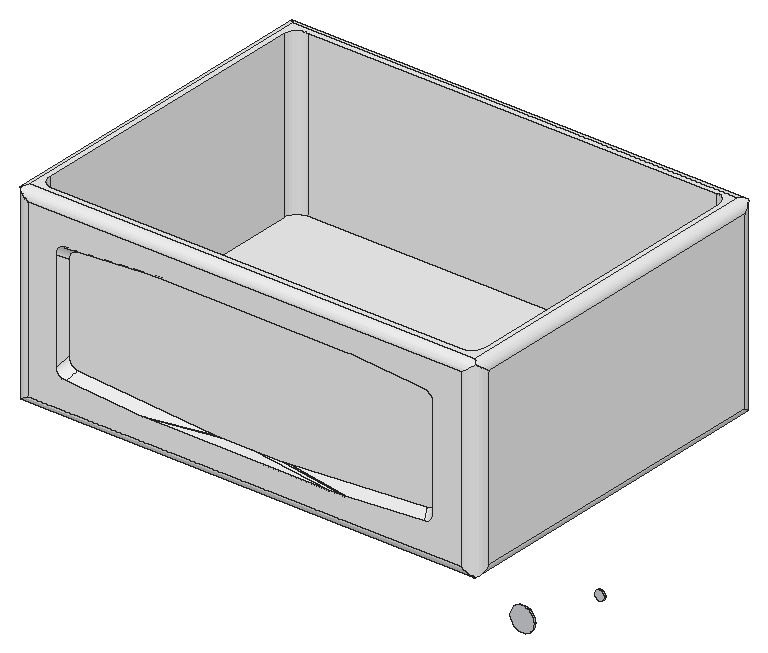
Revit family "Sink_Kitchen-Fire_Clay-DXV-Orchard-D20101000_Series", category Plumbing Fixtures, Revit 2014
Parameters (values of type "D20101000.415")
  Width = 24"
  Waste Connection Radius = 5/8"
  Waste Connection Height = 20 1/4"
  Waste Connection Diameter = Waste Connection Radius * 2  # 1 1/4"
  Waste Connection = yes
  WFU = 2
  Vent Connection = no
  URL = "www.dxv.com"
  Type Comments = "Bottom sink rack and strainer included"
  Product Page URL = "http://www.dxv.com/Product/Orchard-24-inches-Apron-Kitchen-Sink--"
  Product Documentation Link = "http://dxv.blob.core.windows.net/dxv-product-pdf-files/DXV_D20101000_Orchard_24in_kit_sink_spec_en.pdf"
  Price = "Prices may vary. Please consult Manufacturer Representative for most up-to-date price list."  # constant formula
  Model = "D20101000.415"
  Material = "Fire Clay-DXV-415-Canvas White"
  Manufacturer = "DXV"
  Length = 18"
  Installation Type = "Semi Counter Mounted"
  Hot Water Connection Width = 4"
  Hot Water Connection Radius = 1/4"
  Hot Water Connection Height = 22 3/4"
  Hot Water Connection Diameter = Hot Water Connection Radius * 2  # 1/2"
  Height = 10"
  HWFU = 1.5
  HW Connection = yes
  Finish = Fire Clay-DXV-415-Canvas White
  Description = "Apron Front Kitchen Sink Canvas White"
  Default Elevation = 34"
  Creation Date = "7/2/2014"  # constant formula
  Cold Water Connection Width = 4"
  Cold Water Connection Radius = 1/4"
  Cold Water Connection Height = Hot Water Connection Height  # 22 3/4"
  Cold Water Connection Diameter = Cold Water Connection Radius * 2  # 1/2"
  CWFU = 1.5
  CW Connection = yes
  Basin Shape = "Rectangle"
  Assembly Code = "D2010310"
Types (4): name | Model | Material | Finish | Description
  (no name) | "D20101000.415" | "Fire Clay-DXV-415-Canvas White" | Fire Clay-DXV-415-Canvas White | "Apron Front Kitchen Sink Canvas White"
  D20101000.415 | "D20101000.415" | "Fire Clay-DXV-415-Canvas White" | Fire Clay-DXV-415-Canvas White | "Apron Front Kitchen Sink Canvas White"
  D20101000.425 | "D20101000.425" | "Fire Clay-DXV-425-Chenille Gray" | Fire Clay-DXV-425-Chenille Gray | "Apron Front Kitchen Sink Chenille Gray"
  D20101000.410 | "D20101000.410" | "Fire Clay-DXV-410-Oyster" | Fire Clay-DXV-410-Oyster | "Apron Front Kitchen Sink Oyster"
Reference planes (in)
  plane 1 "Center (Front/Back)": y = 0
  plane 2: z = 0
  plane 3 "Center (Left/Right)": x = 0
  plane 4: y = -18
  plane 5: z = 0
  plane 6: z = 10
  plane 7: x = 11.25
  plane 8: x = -11.25
  plane 9: y = -0.71575
  plane 10: y = -17.22175
  plane 11: x = -12
  plane 12: x = 12
  plane 13: y = -8.96875
  plane 14: y = -7.21875
  plane 15: y = -10.71875
  plane 16 "Finished Floor": z = -34
  plane 17: z = -11.25
  plane 18: z = -13.75
  plane 19: x = 4
  plane 20: x = -4
  plane 21: x = 1.75
  plane 22: x = -1.75
  plane 23: z = -10
  plane 24: z = 8.5
Forms (in)
  Extrusion 1, solid
    sketch origin (0, 0, 0) x (1, 0, 0) y (0, 0, 1)
      loop
        circle (-4, -11.25) r 0.25
      loop
        circle (4, -11.25) r 0.25
      loop
        circle (0, -13.75) r 0.625
    from 0 to 0.0625
  Extrusion 2, solid, material "Fire Clay-DXV-415-Canvas White" <- "Finish"
    sketch origin (0, 0, 0) x (1, 0, 0) y (0, 1, 0)
      loop
        arc (-11.28425, 0) -> (-11.79036, -0.20964) -> (-12, -0.71575) r 0.71575
        line (-12, -0.71575) -> (-12, -17.22175)
        arc (-12, -17.22175) -> (-11.77206, -17.77206) -> (-11.22175, -18) r 0.77825
        line (-11.22175, -18) -> (11.22063, -18)
        arc (11.22063, -18) -> (11.77173, -17.77173) -> (12, -17.22063) r 0.77937
        line (12, -17.22063) -> (12, -0.71846)
        arc (12, -0.71846) -> (11.78957, -0.21043) -> (11.28154, 0) r 0.71846
        line (11.28154, 0) -> (-11.28425, 0)
    from 0 to 10
  Extrusion 3, void
    sketch origin (0, 0, 1.5) x (1, 0, 0) y (0, 1, 0)
      loop
        arc (-10.53906, -0.71575) -> (-11.04177, -0.92398) -> (-11.25, -1.42669) r 0.71094
        line (-11.25, -1.42669) -> (-11.25, -16.51081)
        arc (-11.25, -16.51081) -> (-11.04177, -17.01352) -> (-10.53906, -17.22175) r 0.71094
        line (-10.53906, -17.22175) -> (10.53906, -17.22175)
        arc (10.53906, -17.22175) -> (11.04177, -17.01352) -> (11.25, -16.51081) r 0.71094
        line (11.25, -16.51081) -> (11.25, -1.42669)
        arc (11.25, -1.42669) -> (11.04177, -0.92398) -> (10.53906, -0.71575) r 0.71094
        line (10.53906, -0.71575) -> (-10.53906, -0.71575)
    from 0 to 8.5
  Revolve 4, void
    sketch origin (0, -8.96875, 10) x (1, 0, 0) y (0, 0, 1)
      loop
        line (0, -10) -> (1.75, -10) -> (2.15192, -8.5) -> (0, -8.5) -> (0, -10)
      axis (0, -8.5) -> (0, -10)
    angle from 0 to 360
  Blend 5, void
    base sketch origin (0, 0.429, 10) x (1, 0, 0) y (0, 0, 1)
      loop
        arc (-9.5, -1.5) -> (-9.85355, -1.64645) -> (-10, -2) r 0.5
        line (-10, -2) -> (-10, -8)
        arc (-10, -8) -> (-9.85355, -8.35355) -> (-9.5, -8.5) r 0.5
        line (-9.5, -8.5) -> (9.5, -8.5)
        arc (9.5, -8.5) -> (9.85355, -8.35355) -> (10, -8) r 0.5
        line (10, -8) -> (10, -2)
        arc (10, -2) -> (9.85355, -1.64645) -> (9.5, -1.5) r 0.5
        line (9.5, -1.5) -> (-9.5, -1.5)
    top sketch origin (0, 0.429, 10) x (1, 0, 0) y (0, 0, 1)
      loop
        line (0, -1.75) -> (-1.5754, -1.75)
        arc (-1.5754, -1.75) -> (-1.74989, -1.75305) -> (-1.92418, -1.76218) r 5
        line (-1.92418, -1.76218) -> (-9.016, -2.25809)
        arc (-9.016, -2.25809) -> (-9.3468, -2.41587) -> (-9.48112, -2.75687) r 0.5
        line (-9.48112, -2.75687) -> (-9.48112, -7.24313)
        arc (-9.48112, -7.24313) -> (-9.3468, -7.58413) -> (-9.016, -7.74191) r 0.5
        line (-9.016, -7.74191) -> (-1.92418, -8.23782)
        arc (-1.92418, -8.23782) -> (-1.74989, -8.24695) -> (-1.5754, -8.25) r 5
        line (-1.5754, -8.25) -> (0, -8.25) -> (1.5754, -8.25)
        arc (1.5754, -8.25) -> (1.74989, -8.24695) -> (1.92418, -8.23782) r 5
        line (1.92418, -8.23782) -> (9.016, -7.74191)
        arc (9.016, -7.74191) -> (9.3468, -7.58413) -> (9.48112, -7.24313) r 0.5
        line (9.48112, -7.24313) -> (9.48112, -2.75687)
        arc (9.48112, -2.75687) -> (9.3468, -2.41587) -> (9.016, -2.25809) r 0.5
        line (9.016, -2.25809) -> (1.92418, -1.76218)
        arc (1.92418, -1.76218) -> (1.74989, -1.75305) -> (1.5754, -1.75) r 5
        line (1.5754, -1.75) -> (0, -1.75)
    from 18.99795 to 17.9375
  Sweep 6, void
    path origin (0, 0, 10) x (1, 0, 0) y (0, 1, 0)
      loop
        line (-12, 0) -> (-12, -18) -> (12, -18) -> (12, 0) -> (-12, 0)
    profile origin (0, 0, 10) x (0, 1, 0) y (0, 0, 1)
      loop
        line (0, 0) -> (-0.5, 0)
        arc (-0.5, 0) -> (-0.14645, -0.14645) -> (0, -0.5) r 0.5
        line (0, -0.5) -> (0, 0)
      loop
        line (0, -10) -> (0, -9.5)
        arc (0, -9.5) -> (-0.14645, -9.85355) -> (-0.5, -10) r 0.5
        line (-0.5, -10) -> (0, -10)
  Extrusion 7, void
    sketch origin (0, 0, 0) x (1, 0, 0) y (0, 1, 0)
      loop
        line (11.28154, 0) -> (-11.28356, 0)
        arc (-11.28356, 0) -> (-11.79016, -0.20984) -> (-12, -0.71644) r 0.71644
        line (-12, -0.71644) -> (-12, -17.28679)
        arc (-12, -17.28679) -> (-11.7911, -17.7911) -> (-11.28679, -18) r 0.71321
        line (-11.28679, -18) -> (11.22063, -18)
        arc (11.22063, -18) -> (11.77173, -17.77173) -> (12, -17.22063) r 0.77937
        line (12, -17.22063) -> (12, -0.71846)
        arc (12, -0.71846) -> (11.78957, -0.21043) -> (11.28154, 0) r 0.71846
    from 0 to 10
Cuts and joins
  Extrusion 3, Revolve 4, Blend 5, Sweep 6 cuts Extrusion 2
Lines and regions (in)
  Masking region 1
    outline origin (0, 0, 0) x (1, 0, 0) y (0, 1, 0)
      loop
        arc (-11.28356, 0) -> (-11.79016, -0.20984) -> (-12, -0.71644) r 0.71644
        line (-12, -0.71644) -> (-12, -17.28679)
        arc (-12, -17.28679) -> (-11.7911, -17.7911) -> (-11.28679, -18) r 0.71321
        line (-11.28679, -18) -> (11.22063, -18)
        arc (11.22063, -18) -> (11.77173, -17.77173) -> (12, -17.22063) r 0.77937
        line (12, -17.22063) -> (12, -0.71846)
        arc (12, -0.71846) -> (11.78957, -0.21043) -> (11.28154, 0) r 0.71846
        line (11.28154, 0) -> (-11.28356, 0)
  symbolic lines, style "PlumbingFixtures", detail levels fine
    curve 1: line (-10.54377, -0.71575, 0) -> (10.5388, -0.71575, 0)
    curve 2: line (-11.25, -16.51259, 0) -> (-11.25, -1.42198, 0)
    curve 3: line (10.53305, -17.22175, 0) -> (-10.54084, -17.22175, 0)
    curve 4: line (11.25, -1.42695, 0) -> (11.25, -16.5048, 0)
    curve 5: arc (11.25, -16.5048, 0) -> (11.04001, -17.01176, 0) -> (10.53305, -17.22175, 0) r 0.71695
    curve 6: arc (10.5388, -0.71575, 0) -> (11.0417, -0.92405, 0) -> (11.25, -1.42695, 0) r 0.7112
    curve 7: arc (-11.25, -1.42198, 0) -> (-11.04315, -0.9226, 0) -> (-10.54377, -0.71575, 0) r 0.70623
    curve 8: arc (-10.54084, -17.22175, 0) -> (-11.04229, -17.01404, 0) -> (-11.25, -16.51259, 0) r 0.70916
  symbolic lines, style "PlumbingFixtures", detail levels medium+fine
    curve 9: circle (0, -8.96875, 0) r 1.75 normal (0, 0, 1)
Dimensions and locks (in)
  "Height": plane 6 to level
  plane 14 to plane 15 = 3 1/2"
  "Default Elevation": level to plane 16 "Finished Floor"
  "Waste Connection Height": plane 18 to plane 16 "Finished Floor"
  "Hot Water Connection Height": plane 17 to plane 16 "Finished Floor"
  "Hot Water Connection Width": plane 20 to plane 3 "Center (Left/Right)"
  "Cold Water Connection Width": plane 19 to plane 3 "Center (Left/Right)"
  plane 20 to plane 19 = 8"
  plane 1 "Center (Front/Back)" to plane 4 = 18"
  plane 9 to plane 10 = 16.506"
  "Width": plane 11 to plane 12
  plane 8 to plane 7 = 22 1/2"
Automatic sketch dimensions
  curve 8 to plane 8 = 0"
  curve 7 to plane 9 = 0"
  plane 10 to curve 3 = 0"
  curve 5 to plane 7 = 0"
  Extrusion 1 sketch curve to plane 17 = 0"  (x2)
  plane 20 to Extrusion 1 sketch curve = 0"
  Extrusion 1 sketch curve to plane 3 "Center (Left/Right)" = 0"
  Extrusion 1 sketch curve to plane 19 = 0"
  Extrusion 1 sketch curve to plane 18 = 0"
  Masking region 1 sketch curve to plane 11 = 0"
  Masking region 1 sketch curve to plane 4 = 0"
  plane 1 "Center (Front/Back)" to Masking region 1 sketch curve = 0"
  Masking region 1 sketch curve to plane 12 = 0"
  plane 8 to Masking region 1 sketch curve = 0.03679"
  Masking region 1 sketch curve to plane 9 = 0.00069"
  Masking region 1 sketch curve to plane 9 = 0.00271"
  Masking region 1 sketch curve to plane 10 = 0.00112"
  Extrusion 3 sketch curve to plane 8 = 0"
  plane 10 to Extrusion 3 sketch curve = 0"
  Extrusion 3 sketch curve to plane 9 = 0"
  Extrusion 3 sketch curve to plane 7 = 0"
  Revolve 4 sketch curve to level = 0"  (x2)
  Revolve 4 sketch curve to plane 3 "Center (Left/Right)" = 0"  (x2)
  Revolve 4 sketch curve to plane 21 = 0"
  plane 21 to Revolve 4 sketch curve = 0.40192"
  Revolve 4 sketch curve to Revolve 4 sketch curve = 1 1/4"
  level to Revolve 4 sketch curve = 1 1/2"
  Blend 5 sketch curve to plane 24 = 0"
  Blend 5 sketch curve to Blend 5 sketch curve = 1/2"  (x3)
  Blend 5 sketch curve to plane 24 = 1/2"  (x2)
  level to Blend 5 sketch curve = 2"
  Sweep 6 sketch curve to plane 4 = 0"
  Sweep 6 sketch curve to plane 11 = 0"
  Sweep 6 sketch curve to plane 12 = 0"
  plane 1 "Center (Front/Back)" to Sweep 6 sketch curve = 0"
  Sweep 6 sketch curve to profile plane = 0"  (x3)
  profile plane to Sweep 6 sketch curve = 1/2"  (x2)
  Sweep 6 sketch curve to Sweep 6 sketch curve = 9"
  Extrusion 2 sketch curve to plane 9 = 0"
  Extrusion 2 sketch curve to plane 10 = 0.00112"
  Extrusion 2 sketch curve to plane 9 = 0.00271"
  Extrusion 2 sketch curve to plane 11 = 0"
  plane 10 to Extrusion 2 sketch curve = 0"
  Extrusion 2 sketch curve to plane 4 = 0"
  Extrusion 2 sketch curve to plane 12 = 0"
  plane 1 "Center (Front/Back)" to Extrusion 2 sketch curve = 0"
  curve 9 to plane 3 "Center (Left/Right)" = 0"
  curve 9 to plane 13 = 0"
  curve 5 to plane 7 = 0.71695"
  curve 6 to plane 7 = 0.7112"
  Extrusion 3 sketch curve to plane 7 = 91/128"  (x2)
  Blend 5 sketch curve to plane 7 = 1 3/4"
  curve 2 to curve 7 = 0.70623"
  Extrusion 3 sketch curve to plane 8 = 91/128"  (x2)
  Blend 5 sketch curve to plane 8 = 1 3/4"  (x2)
  Blend 5 sketch curve to plane 3 "Center (Left/Right)" = 0"  (x2)
  Blend 5 sketch curve to plane 22 = 0.1746"  (x2)
  plane 22 to Blend 5 sketch curve = 0.17418"  (x2)
  Blend 5 sketch curve to plane 8 = 2.26888"  (x2)
  Blend 5 sketch curve to plane 24 = 0.75809"  (x2)
  Blend 5 sketch curve to Blend 5 sketch curve = 0.03488"  (x4)
  Blend 5 sketch curve to plane 21 = 0.1746"  (x2)
  plane 21 to Blend 5 sketch curve = 0.17418"  (x2)
  Blend 5 sketch curve to plane 7 = 2.26888"  (x2)
  Blend 5 sketch curve to plane 24 = 1 3/4"  (x2)
  level to Blend 5 sketch curve = 3 1/4"
  Blend 5 sketch curve to Blend 5 sketch curve = 0"
  level to Blend 5 sketch curve = 2.75687"  (x2)
  Blend 5 sketch curve to Blend 5 sketch curve = 1.48782"
  Blend 5 sketch curve to plane 24 = 0.26218"
  curve 3 to plane 8 = 0.70916"
  Extrusion 7 sketch curve to plane 11 = 0"
  Extrusion 7 sketch curve to plane 4 = 0"
  plane 1 "Center (Front/Back)" to Extrusion 7 sketch curve = 0"
  Extrusion 7 sketch curve to plane 12 = 0"
  plane 8 to Extrusion 7 sketch curve = 0.03679"
  Extrusion 7 sketch curve to plane 9 = 0.00069"
  Extrusion 7 sketch curve to plane 7 = 0.02937"
  plane 7 to Extrusion 7 sketch curve = 0.03154"
  radius of Extrusion 1 sketch curve = 1/4"  (x2)
  radius of Extrusion 1 sketch curve = 5/8"
  radius of curve 9 = 1 3/4"
Connectors (in)
  piping at (-4, 0, -11.25), diameter 0.5, driven by "Hot Water Connection Radius", driven by "HWFU"
    settings: on Extrusion 1, index 1, connector inside diameter 1/2", connector length 0", flow factor 0, pipe flow 0 GPM, pressure drop 0.00 psi, fitting loss kfactor 0, connector angle 0.00°, fixture units 1.5, engagement length 0", angle of deflection 0.00°, flow configuration 3, flow direction 1, fitting loss method 0, system type 19, joint type 0, gender type 0, connector reference index -1, connector utility 0, adjustable connector no, is connector primary yes, connector description "1/2\" HW Inlet"
  piping at (0, 0, -13.75), diameter 1.25, driven by "WFU"
    settings: on Extrusion 1, index 2, connector inside diameter 1 1/4", connector length 0", flow factor 0, pipe flow 0 GPM, pressure drop 0.00 psi, fitting loss kfactor 0, connector angle 0.00°, fixture units 2, engagement length 0", angle of deflection 0.00°, flow configuration 3, flow direction 2, fitting loss method 0, system type 16, joint type 0, gender type 0, connector reference index -1, connector utility 0, adjustable connector yes, is connector primary no, connector description "1 1/4\" O.D. Outlet"
  piping at (4, 0, -11.25), diameter 0.5, driven by "Cold Water Connection Radius", driven by "CWFU"
    settings: on Extrusion 1, index 3, connector inside diameter 1/2", connector length 0", flow factor 0, pipe flow 0 GPM, pressure drop 0.00 psi, fitting loss kfactor 0, connector angle 0.00°, fixture units 1.5, engagement length 0", angle of deflection 0.00°, flow configuration 3, flow direction 1, fitting loss method 0, system type 20, joint type 0, gender type 0, connector reference index -1, connector utility 0, adjustable connector no, is connector primary no, connector description "1/2\" CW Inlet"
